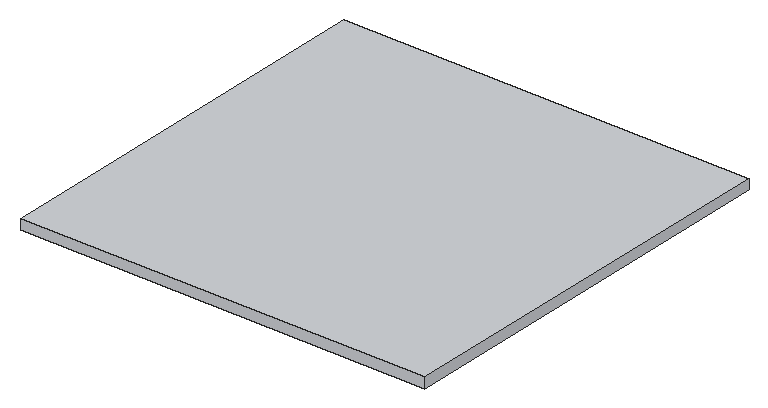
Revit family "4963000", category Aparatos sanitarios, Revit 2017
Family settings
  Anfitrión = Cara
  Cota de conector redondo = Diámetro de uso
  Tipo de pieza = Normal
  Número OmniClass = 23.45.55.14
  Título OmniClass = Single Faucets
  Corte con vacíos al cargar = No
  Compartido = No
  Punto de cálculo de habitación = No
Parameters (values of type "4963000")
  URL = "http://www.griferiasgalindo.com"
  Teléfono = "(+34) 915 782 575"
  TIPO DE AGUA = "Fria/Caliente"
  REFERENCIA = "4963000"
  Presión Máxima = ""
  PESO BRUTO = ""
  Modelo = "GRIFO DE DUCHA con accesorios"
  Material = none
  Imagen de tipo = <Ninguno>
  Fabricante = "PRESTO IBÉRICA"
  Default Elevation = 1219.2 mm
  ENTRADA = "Hembra 3/4\""
  Descripción = "Grupo ducha con accesorios"
  Código de montaje = "C1030220"
  Contacto = "info@prestoiberica.com"
  Conexión AF = yes
  Conexión AC = yes
  Comentarios de tipo = "Cartucho sellado mezclador con discos cerámicos de Ø 35 mm.  Suministrado con latiguillos flexibles de 3/4\" con excéntrica y embellecedor."
  CIERRE = "Manual"
  CAUDAL = ""
  Accionamiento = "Mediante maneta"
Reference planes
  plane 1 "Centro (Frontal/Posterior)": y = 0
  plane 2: z = 0
  plane 3 "Centro (Izquierda/Derecha)": x = 0
Forms (mm)
  Extrusion 1, solid
    sketch origin (0, 0, 0) x (1, 0, 0) y (0, 1, 0)
      loop
        line (-100, 100) -> (-100, -100) -> (100, -100) -> (100, 100) -> (-100, 100)
    from 0 to -5
Dimensions and locks
  Extrusion 1 sketch curve to plane 1 "Centro (Frontal/Posterior)" = 100 mm
  aligned and locked: plane 2 to Extrusion 1
  aligned and locked: level to Extrusion 1
Connectors
  piping at (-74.789, -40.572, -19.8), diameter 19.1
    settings: on import instance, index 1, connector inside diameter 609.6 mm, connector length 0 mm, flow factor 0, pipe flow 0.0 L/s, pressure drop 0.0 Pa, fitting loss kfactor 0, connector angle 0.00°, fixture units 0, engagement length 0 mm, angle of deflection 0.00°, flow configuration 0, flow direction 1, fitting loss method 0, system type 19, joint type 0, gender type 0, connector reference index -1, connector utility 0, adjustable connector no, is connector primary yes, connector description ""
  piping at (75.211, -40.572, -19.8), diameter 19.1
    settings: on import instance, index 2, connector inside diameter 609.6 mm, connector length 0 mm, flow factor 0, pipe flow 0.0 L/s, pressure drop 0.0 Pa, fitting loss kfactor 0, connector angle 0.00°, fixture units 0, engagement length 0 mm, angle of deflection 0.00°, flow configuration 0, flow direction 1, fitting loss method 0, system type 20, joint type 0, gender type 0, connector reference index -1, connector utility 0, adjustable connector no, is connector primary no, connector description ""
